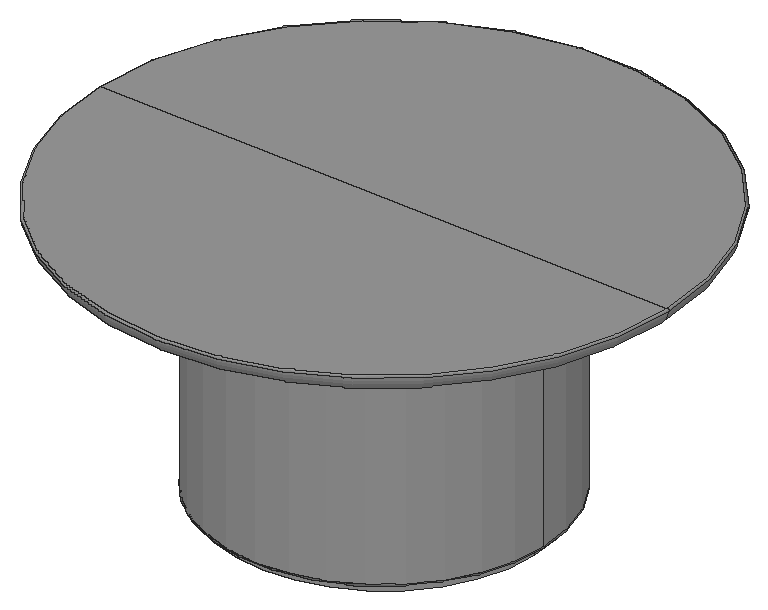
Revit family "MESA DE JANTAR REDONDA DUDA Ø160", category Modelos genéricos, Revit 2021
Family settings
  Pode hospedar o vergalhão = Não
  Cota do conector redondo = Utilizar diâmetro
  Tipo de parte = Normal
  Com base no plano de trabalho = Não
  Sempre na vertical = Sim
  Corte com vazios quando carregada = Não
  Compartilhado = Não
  Ponto de cálculo do ambiente = Não
Parameters (values of type "MESA DE JANTAR")
  Elevação padrão = 0 mm
Reference planes
  plane 1 "Centro (Frente/Trás)": y = 0
  plane 2: z = 0
  plane 3 "Centro (Esquerda/Direita)": x = 0
  plane 4: z = 750
  plane 5: x = -300
  plane 6: x = 300
Forms (mm)
  Revolve 1, solid, material "Madeira, C24"
    sketch origin (0, 0, 0) x (1, 0, 0) y (0, 0, 1)
      loop
        line (0, 750) -> (-794.871, 750)
        arc (-794.871, 750) -> (-798.598, 748.333) -> (-799.84, 744.444) r 5
        arc (-799.84, 744.444) -> (-783.483, 712.732) -> (-750.15, 700) r 50
        line (-750.15, 700) -> (-540, 700)
        arc (-540, 700) -> (-472.732, 670.041) -> (-450, 600) r 90.5
        line (-450, 600) -> (-450, 30)
        arc (-450, 30) -> (-448.536, 26.464) -> (-445, 25) r 5
        line (-445, 25) -> (-425, 25) -> (-425, 0) -> (0, 0) -> (0, 275) -> (0, 700) -> (0, 750)
      axis (0, 750) -> (0, 0)
    angle from 0 to 360
Dimensions and locks
  plane 4 to level = 750 mm  (x2)
  plane 6 to plane 3 "Centro (Esquerda/Direita)" to plane 5 = 300 mm, 300 mm
  plane 6 to plane 5 = 600 mm
  plane 4 to Revolve 1 to level = 725 mm, 25 mm
  Revolve 1 sketch curve to Revolve 1 sketch curve = 799.871 mm
  aligned and locked: level to plane 2
